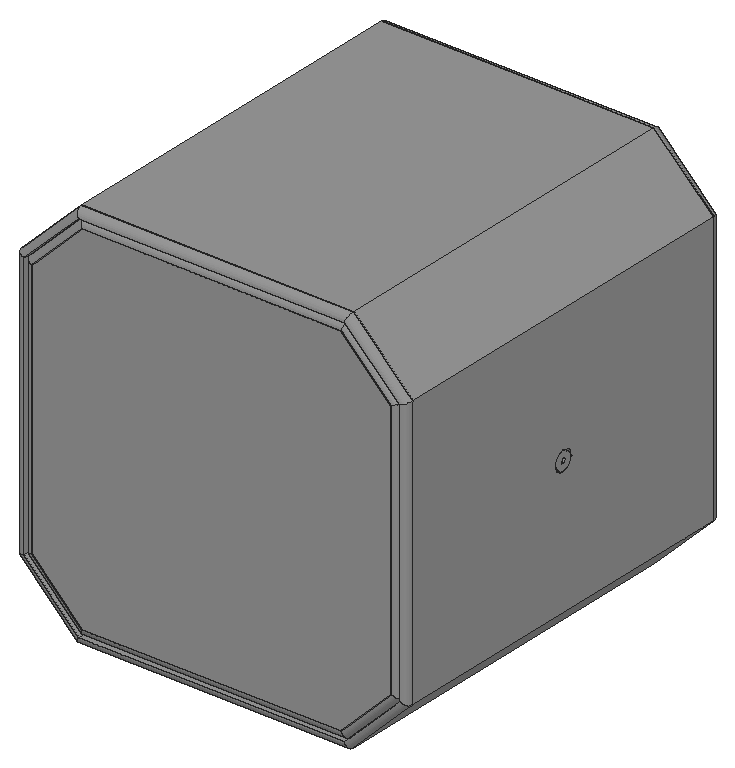
Revit family "1 SOUND_Cannon_C8", category Communication Devices, Revit 2020
Family settings
  Maintain Annotation Orientation = No
  Round Connector Dimension = Use Diameter
  Part Type = Normal
  Work Plane-Based = Yes
  Always vertical = No
  Cut with Voids When Loaded = No
  Shared = No
  Room Calculation Point = No
Parameters (values of type "C8")
  Width - Overall = 260 mm
  Weight = "18.4 lb / 8.3 kg"
  URL = "https://www.1-sound.com/cannon-coaxials"
  Speaker Mesh Finish [instance] = 1 Sound - Speaker Mesh_Fabric_Black
  Speaker Box Finish [instance] = 1 Sound - Speaker Box_Black
  Rigging = "(4) M6 points"  # constant formula
  Power = "400 watts (program), 200 watts (AES)"
  Origin Plane [instance] = if(Origin Is Centered, 0 mm, (Height Overall / 2))  # 130 mm
  Origin Is Centered [instance] = no
  Model = "C8"
  Manufacturer = "1 Sound"  # constant formula
  Impedance = "8Ω"
  Height Overall = 260 mm
  Dimensions (HxWxD) = "10.2” (260 mm) x 10.2” (260 mm) x 10.2” (260 mm)"
  Depth - Overall = 260 mm
  Default Elevation = 1219.2 mm
  Construction = "Finland birch plywood (urea glue), polyurea, matte salt and UV resistant coating, 316 stainless steel hardware, 3D spacer mesh fabric"  # constant formula
  Connectors = "(2) NL4, 2-circuit switch, (1) Neutric NDL dummyPlug"
  Connector - Screw Terminal Block = no
  Connector - NL4 = yes
  Bandwidth = "55 Hz - 18 kHz (-6 dB)"
Types (2, lengths in mm): name | Origin Plane | Origin Is Centered | Model | Connectors | Connector - Screw Terminal Block | Connector - NL4
  C8i | 0 | yes | "C8i" | "(1) screw terminal block with input +/- and loop +/-" | yes | no
  C8 | 130 | no | "C8" | "(2) NL4, 2-circuit switch, (1) Neutric NDL dummyPlug" | no | yes
Reference planes
  plane 1 "Center (Front/Back)": y = 0
  plane 2: z = 0
  plane 3 "Center (Left/Right)": x = -8.925
  plane 4 "Speaker Depth": y = 260
  plane 5: z = 260
  plane 6: x = 121.075
  plane 7: x = -138.925
  plane 8: z = 130
  plane 9: y = 130
  plane 10: x = -59.925
  plane 11: z = 0
Forms (mm)
  Sweep 1, solid, material "1 Sound - Speaker Box_Black" <- "Speaker Box Finish"
    path origin (0, 0, 107) x (1, 0, 0) y (0, 0, 1)
      loop
        line (-97.398, 148) -> (-133.925, 111.473) -> (-133.925, -65.473) -> (-97.398, -102) -> (79.434, -102) -> (116.075, -65.359) -> (116.075, 111.473) -> (79.548, 148) -> (-97.398, 148)
    profile origin (-8.925, 0, 255) x (0, 0, 1) y (0, -1, 0)
      loop
        arc (5, -5) -> (3.536, -1.464) -> (0, 0) r 5
        line (0, 0) -> (0, -5) -> (5, -5)
  Sweep 2, solid, material "1 Sound - Speaker Mesh_Fabric_Black" <- "Speaker Mesh Finish"
    path origin (761.008, 109, -738.704) x (1, 0, 0) y (0, 0, -1)
      loop
        line (-683.738, -988.204) -> (-650.433, -954.899) -> (-650.433, -782.623) -> (-683.852, -749.204) -> (-856.128, -749.204) -> (-889.433, -782.509) -> (-889.433, -954.899) -> (-856.128, -988.204) -> (-683.738, -988.204)
    profile origin (-8.925, 109, 249.5) x (0, 0, 1) y (0, 1, 0)
      loop
        line (5, -104) -> (0, -104) -> (0, -109)
        arc (0, -109) -> (3.536, -107.536) -> (5, -104) r 5
  Sweep 3, solid, material "1 Sound - Speaker Box_Black" <- "Speaker Box Finish"
    path origin (0, 260, 107) x (-1, 0, 0) y (0, 0, 1)
      loop
        line (97.398, 148) -> (-79.548, 148) -> (-116.075, 111.473) -> (-116.075, -65.359) -> (-79.434, -102) -> (97.398, -102) -> (133.925, -65.473) -> (133.925, 111.473) -> (97.398, 148)
    profile origin (-8.925, 260, 255) x (0, 0, -1) y (0, 1, 0)
      loop
        line (-5, -5) -> (0, -5) -> (0, 0)
        arc (0, 0) -> (-3.536, -1.464) -> (-5, -5) r 5
  Extrusion 4, solid, material "1 Sound - Speaker Box_Black" <- "Speaker Box Finish"
    sketch origin (0, 0, -151793) x (1, 0, 0) y (0, 0, 1)
      loop
        line (81.619, 152053) -> (-99.469, 152053) -> (-138.925, 152013.544) -> (-138.925, 151832.456) -> (-99.469, 151793) -> (81.505, 151793) -> (121.075, 151832.57) -> (121.075, 152013.544) -> (81.619, 152053)
    from -255 to -5
  Extrusion 5, solid, material "1 Sound - Speaker Mesh_Fabric_Black" <- "Speaker Mesh Finish"
    sketch origin (0, 0, 0) x (1, 0, 0) y (0, 0, 1)
      loop
        line (-128.425, 216.195) -> (-128.425, 43.805) -> (-95.12, 10.5) -> (77.156, 10.5) -> (110.575, 43.919) -> (110.575, 216.195) -> (77.27, 249.5) -> (-95.12, 249.5) -> (-128.425, 216.195)
    from 0 to -5
  Extrusion 6, void
    sketch origin (0, 5, 0) x (1, 0, 0) y (0, 0, 1)
      loop
        line (-133.925, 218.473) -> (-133.925, 41.527) -> (-97.398, 5) -> (79.434, 5) -> (116.075, 41.641) -> (116.075, 218.473) -> (79.548, 255) -> (-97.398, 255) -> (-133.925, 218.473)
    from 0 to -5
  Extrusion 7, solid, material "1 Sound - Solid Black"
    sketch origin (0, 5, 0) x (1, 0, 0) y (0, 0, 1)
      loop
        line (-133.925, 218.473) -> (-133.925, 41.527) -> (-97.398, 5) -> (79.434, 5) -> (116.075, 41.641) -> (116.075, 218.473) -> (79.548, 255) -> (-97.398, 255) -> (-133.925, 218.473)
    from 0 to -5
  Sweep 8, solid, material "1 Sound - Speaker Mesh_Fabric_Black" <- "Speaker Mesh Finish"
    path origin (0, 260, 0) x (-1, 0, 0) y (0, 0, 1)
      loop
        line (95.12, 249.5) -> (-77.27, 249.5) -> (-110.575, 216.195) -> (-110.575, 43.919) -> (-77.156, 10.5) -> (44.55, 10.5) -> (44.55, 31.751) -> (107.844, 95.045) -> (128.425, 95.045) -> (128.425, 216.195) -> (95.12, 249.5)
    profile origin (-8.925, 260, 249.5) x (0, 0, -1) y (0, 1, 0)
      loop
        line (-4.999, -5) -> (0.001, -5) -> (0.001, 0)
        arc (0.001, 0) -> (-3.535, -1.464) -> (-4.999, -5) r 5
  Extrusion 9, solid, material "1 Sound - Speaker Mesh_Fabric_Black" <- "Speaker Mesh Finish"
    sketch origin (0, 260, 0) x (-1, 0, 0) y (0, 0, 1)
      loop
        line (-77.27, 249.499) -> (-110.574, 216.195) -> (-110.574, 43.919) -> (-77.156, 10.501) -> (44.549, 10.501) -> (44.549, 31.751) -> (107.844, 95.046) -> (128.425, 95.046) -> (128.425, 216.195) -> (95.121, 249.499) -> (-77.27, 249.499)
    from -4.98 to 0
  Extrusion 10, void
    sketch origin (0, 260, 0) x (-1, 0, 0) y (0, 0, 1)
      loop
        line (-79.341, 254.499) -> (-115.574, 218.266) -> (-115.574, 41.848) -> (-79.227, 5.501) -> (49.549, 5.501) -> (49.549, 29.68) -> (109.915, 90.046) -> (133.425, 90.046) -> (133.425, 218.266) -> (97.192, 254.499) -> (-79.341, 254.499)
    from -9.96 to -4.98
  Extrusion 11, solid, material "1 Sound - Solid Black"
    sketch origin (0, 260, 0) x (-1, 0, 0) y (0, 0, 1)
      loop
        line (97.192, 254.499) -> (-79.341, 254.499) -> (-115.574, 218.266) -> (-115.574, 41.848) -> (-79.227, 5.501) -> (49.549, 5.501) -> (49.549, 29.68) -> (109.915, 90.046) -> (133.425, 90.046) -> (133.425, 218.266) -> (97.192, 254.499)
    from -9.96 to -4.98
  Extrusion 12, void
    sketch origin (-8.925, 0, 0) x (0, 1, 0) y (0, 0, 1)
      loop
        circle (130, 130) r 6.855
    from -152.596 to 138.234
  Extrusion 13, solid, material "1 Sound - Speaker Box_Black" <- "Speaker Box Finish"
    sketch origin (0, 260, 0) x (-1, 0, 0) y (0, 0, 1)
      loop
        circle (55.583, 19.989) r 5
      loop
        circle (118.936, 83.342) r 5
    from -5 to -4
  Extrusion 14, void
    sketch origin (0, 256, 0) x (1, 0, 0) y (0, 0, 1)
      loop
        line (-57.807, 20.585) -> (-57.211, 18.36) -> (-54.987, 17.764) -> (-53.359, 19.393) -> (-53.955, 21.617) -> (-56.179, 22.213) -> (-57.807, 20.585)
      loop
        line (-118.34, 81.117) -> (-116.712, 82.746) -> (-117.308, 84.97) -> (-119.532, 85.566) -> (-121.161, 83.938) -> (-120.565, 81.713) -> (-118.34, 81.117)
    from -0.458 to 1
Cuts and joins
  Extrusion 6, Extrusion 10, Extrusion 12, Extrusion 14 cuts Extrusion 4
  Extrusion 14 cuts Extrusion 7
  Extrusion 14 cuts Extrusion 13
Dimensions and locks
  "Depth - Overall": plane 1 "Center (Front/Back)" to plane 4 "Speaker Depth"
  "Height Overall": plane 5 to plane 2
  equal spacing: plane 6, plane 3 "Center (Left/Right)", plane 7
  "Width - Overall": plane 6 to plane 7
  Sweep 1 sketch curve to plane 5 = 5 mm
  Extrusion 4 to Sweep 1 sketch curve = 5 mm  (x4)
  Sweep 1 sketch curve to plane 7 = 5 mm
  Sweep 1 sketch curve to level = 5 mm
  Sweep 1 sketch curve to plane 6 = 5 mm
  Sweep 3 sketch curve to plane 5 = 5 mm
  Extrusion 4 to Sweep 3 sketch curve = 5 mm  (x4)
  equal spacing: plane 6, Sweep 3 sketch curve, Sweep 3 sketch curve
  equal spacing: level, Sweep 3 sketch curve, Sweep 3 sketch curve
  plane 7 to Sweep 3 sketch curve = 5 mm
  Sweep 2 sketch curve to level = 10.5 mm
  Extrusion 4 to Sweep 2 sketch curve = 10.5 mm  (x5)
  Sweep 2 sketch curve to plane 5 = 10.5 mm
  Sweep 2 sketch curve to plane 6 = 10.5 mm
  equal spacing: plane 5, plane 8, level
  equal spacing: plane 1 "Center (Front/Back)", plane 9, plane 4 "Speaker Depth"
  "Origin Plane": plane 11 to plane 8
  aligned and locked: plane 2 to level
  aligned and locked: plane 4 "Speaker Depth" to Sweep 3
  aligned and locked: plane 1 "Center (Front/Back)" to Sweep 2
  aligned and locked: plane 7 to Extrusion 4 sketch curve
  aligned and locked: plane 5 to Extrusion 4 sketch curve
  aligned and locked: plane 6 to Extrusion 4 sketch curve
  aligned and locked: Extrusion 4 sketch curve to level
  aligned and locked: Extrusion 5 sketch curve to Sweep 2  (x8)
  aligned and locked: Sweep 1 to Extrusion 6 sketch curve
  aligned and locked: Extrusion 6 sketch curve to Sweep 1  (x7)
  aligned and locked: Extrusion 5 to Sweep 8 sketch curve
  aligned and locked: Sweep 8 sketch curve to Extrusion 5  (x4)
  aligned and locked: Extrusion 9 sketch curve to Sweep 8  (x5)
  aligned and locked: plane 4 "Speaker Depth" to Extrusion 9
  aligned and locked: Extrusion 10 sketch curve to Sweep 8  (x6)
  aligned and locked: nested 1 to plane 8
  aligned and locked: Extrusion 12 sketch curve to nested 1  (x2)
  aligned and locked: plane 9 to nested 1
  aligned and locked: plane 6 to nested 1
  aligned and locked: nested 2 to plane 9
  aligned and locked: plane 8 to nested 2
  aligned and locked: plane 7 to nested 2
  aligned and locked: Extrusion 9 sketch curve to Sweep 2  (x2)
  aligned and locked: Extrusion 10 sketch curve to Extrusion 11  (x4)
Automatic sketch dimensions
  profile plane to Sweep 1 sketch curve = 0 mm
  Sweep 1 sketch curve to plane 1 "Center (Front/Back)" = 0 mm
  Sweep 1 sketch curve to plane 1 "Center (Front/Back)" = 5 mm
  profile plane to Sweep 2 sketch curve = 0 mm
  Sweep 2 sketch curve to Sweep 2 sketch curve = 5 mm
  Sweep 2 sketch curve to profile plane = 109 mm
  Sweep 3 sketch curve to plane 6 = 5 mm
  level to Sweep 3 sketch curve = 5 mm
  Sweep 3 sketch curve to plane 4 "Speaker Depth" = 0 mm
  Sweep 3 sketch curve to profile plane = 0 mm
  Sweep 3 sketch curve to Sweep 3 sketch curve = 5 mm
  Extrusion 4 sketch curve to plane 6 = 39.57 mm
  Extrusion 4 sketch curve to plane 6 = 39.456 mm
  level to Extrusion 4 sketch curve = 39.57 mm
  level to Extrusion 4 sketch curve = 39.456 mm
  Extrusion 4 sketch curve to plane 5 = 39.456 mm  (x2)
  plane 7 to Extrusion 7 sketch curve = 5 mm
  Extrusion 7 sketch curve to plane 5 = 5 mm
  level to Extrusion 7 sketch curve = 5 mm
  Extrusion 7 sketch curve to plane 6 = 41.641 mm
  Extrusion 7 sketch curve to plane 6 = 41.527 mm
  Extrusion 7 sketch curve to plane 6 = 5 mm
  level to Extrusion 7 sketch curve = 41.641 mm
  level to Extrusion 7 sketch curve = 41.527 mm
  Extrusion 7 sketch curve to plane 5 = 41.527 mm  (x2)
  Sweep 8 sketch curve to plane 4 "Speaker Depth" = 0 mm
  profile plane to Sweep 8 sketch curve = 4.999 mm
  Sweep 8 sketch curve to profile plane = 0.001 mm
  plane 7 to Extrusion 4 sketch curve = 39.456 mm  (x2)
  plane 7 to Extrusion 7 sketch curve = 41.527 mm  (x2)
  Sweep 8 sketch curve to plane 10 = 15.375 mm
  plane 7 to Sweep 8 sketch curve = 31.081 mm
  plane 7 to Sweep 8 sketch curve = 10.5 mm
  Sweep 8 sketch curve to Sweep 8 sketch curve = 21.251 mm
  plane 8 to Sweep 8 sketch curve = 34.955 mm
  Sweep 8 sketch curve to plane 5 = 43.805 mm
  plane 10 to Sweep 8 sketch curve = 35.195 mm
  Extrusion 13 sketch curve to plane 10 = 4.342 mm
  plane 7 to Extrusion 13 sketch curve = 19.989 mm
  level to Extrusion 13 sketch curve = 19.989 mm
  plane 8 to Extrusion 13 sketch curve = 46.658 mm
  Extrusion 14 sketch curve to Extrusion 14 sketch curve = 60.533 mm  (x2)
  Extrusion 14 sketch curve to Extrusion 14 sketch curve = 0.596 mm  (x5)
  Extrusion 14 sketch curve to Extrusion 14 sketch curve = 1.628 mm  (x7)
  Extrusion 14 sketch curve to Extrusion 14 sketch curve = 2.224 mm  (x8)
  plane 10 to Extrusion 11 sketch curve = 37.267 mm
  plane 7 to Extrusion 11 sketch curve = 29.01 mm
  plane 7 to Extrusion 11 sketch curve = 5.5 mm
  Extrusion 11 sketch curve to Extrusion 11 sketch curve = 24.179 mm
  plane 8 to Extrusion 11 sketch curve = 39.954 mm
  Extrusion 11 sketch curve to plane 5 = 41.734 mm  (x2)
  Extrusion 9 sketch curve to plane 10 = 15.376 mm
  Extrusion 9 sketch curve to Extrusion 9 sketch curve = 20.581 mm
  Extrusion 9 sketch curve to Extrusion 9 sketch curve = 21.25 mm
  plane 8 to Extrusion 9 sketch curve = 34.954 mm
  Extrusion 11 sketch curve to plane 10 = 10.376 mm
  level to Extrusion 11 sketch curve = 5.501 mm
  Extrusion 11 sketch curve to plane 6 = 41.848 mm
  Extrusion 11 sketch curve to plane 5 = 5.501 mm
  Extrusion 11 sketch curve to plane 6 = 41.734 mm
  Extrusion 11 sketch curve to plane 6 = 5.501 mm
  level to Extrusion 11 sketch curve = 41.848 mm
  radius of Extrusion 13 sketch curve = 5 mm  (x2)
Nested families
  nested 1: "1 SOUND_Cannon_C-Clamp Screw" at (121.075, 138.925, 130) x (0, 1, 0) z (0, 0, 1), type "C-Clamp Screw"
  nested 2: "1 SOUND_Cannon_C-Clamp Screw" at (-138.925, 138.925, 130) x (0, 1, 0) z (0, 0, 1), type "C-Clamp Screw"
  nested 3: "1 Sound_Speaker_Cannon_Connections_Screw Terminal Block_Angled_Non-Face Based" at (-181.421, 465.5, -64.506) x (-1, 0, 0) z (0, 0, 1), visible <- "Connector - Screw Terminal Block", Connector - Screw Terminal Block <- "Connector - Screw Terminal Block", type "1 Sound_Speaker_Cannon_Connections_Screw Terminal Block_Angled_Non-Face Based"
    with Connector - Screw Terminal Block no
  nested 4: "1 Sound_Speaker_Cannon_Connections_NL4_Angled_Non-Face Based" at (-197.688, 256, -34.311) x (-1, 0, 0) z (0, 0, 1), visible <- "Connector - NL4", Connector - NL4 <- "Connector - NL4", type "1 Sound_Speaker_Cannon_Connections_NL4_Angled_Non-Face Based"
    with Connector - NL4 yes
Definition of nested family "1 SOUND_Cannon_C-Clamp Screw"
  Parameters (values of type "1 Sound_Hardware_C-Clamp Screw_Non-Face Based")
    Weight = ""
    Rigging = ""
    Power = ""
    Impedance = ""
    Dimensions (HxWxD) = ""
    Default Elevation = 1219.2 mm
    Construction = ""
    Connectors = ""
    Bandwidth = ""
  Reference planes
    plane 1 "Center (Front/Back)": y = 0
    plane 2: z = 0
    plane 3 "Center (Left/Right)": x = -8.925
  Forms (mm)
    Extrusion 1, solid
      sketch origin (-379.453, 0, -3.595) x (1, 0, 0) y (0, 0, 1)
        loop
          circle (370.528, 3.595) r 5.85
      from 0 to -7
    Extrusion 2, void
      sketch origin (-379.453, 0, -3.595) x (1, 0, 0) y (0, 0, 1)
        loop
          line (371.936, 1.764) -> (372.818, 3.899) -> (371.41, 5.73) -> (369.121, 5.426) -> (368.239, 3.292) -> (369.646, 1.461) -> (371.936, 1.764)
      from 0 to -3
  Cuts and joins
    Extrusion 2 cuts Extrusion 1
  Lines and regions (mm)
    reference lines
      curve 1: line (-8.925, 0, 13.636) -> (-8.925, 0, -16.364)
      curve 2: line (10.534, 0, 0) -> (-29.957, 0, 0)
    model lines
      curve 3: arc (-2.07, 0, 0) -> (-8.925, 0, 6.855) -> (-15.78, 0, 0) r 6.855
      curve 4: arc (-15.78, 0, 0) -> (-8.925, 0, -6.855) -> (-2.07, 0, 0) r 6.855
  Dimensions and locks
    aligned and locked: plane 2 to level
Definition of nested family "1 Sound_Speaker_Cannon_Connections_NL4_Angled_Non-Face Based"
  Parameters (values of type "1 Sound_Speaker_Cannon_Connections_NL4_Angled_Non-Face Based")
    Default Elevation = 1219.2 mm
    Connector - NL4 [instance] = yes
  Reference planes
    plane 1 "Center (Front/Back)": y = 0
    plane 2: z = 0
    plane 3 "Center (Left/Right)": x = -8.925
  Forms (mm)
    Extrusion 1, solid, visible <- "Connector - NL4"
      sketch origin (24.169, -1, 76.713) x (-0.707107, 0, -0.707107) y (-0.707107, 0, 0.707107)
        loop
          line (92.325, 110.215) -> (84.925, 110.215)
          arc (84.925, 110.215) -> (82.804, 109.336) -> (81.925, 107.215) r 3
          line (81.925, 107.215) -> (81.925, 81.815)
          arc (81.925, 81.815) -> (82.804, 79.693) -> (84.925, 78.815) r 3
          line (84.925, 78.815) -> (92.325, 78.815)
          arc (92.325, 78.815) -> (94.446, 79.693) -> (95.325, 81.815) r 3
          line (95.325, 81.815) -> (95.325, 107.215)
          arc (95.325, 107.215) -> (94.446, 109.336) -> (92.325, 110.215) r 3
        loop
          arc (84.925, 108.815) -> (83.794, 108.346) -> (83.325, 107.215) r 1.6
          line (83.325, 107.215) -> (83.325, 81.815)
          arc (83.325, 81.815) -> (83.794, 80.683) -> (84.925, 80.215) r 1.6
          line (84.925, 80.215) -> (92.325, 80.215)
          arc (92.325, 80.215) -> (93.456, 80.683) -> (93.925, 81.815) r 1.6
          line (93.925, 81.815) -> (93.925, 107.215)
          arc (93.925, 107.215) -> (93.456, 108.346) -> (92.325, 108.815) r 1.6
          line (92.325, 108.815) -> (84.925, 108.815)
      from 0 to 1.3
    Extrusion 2, solid, visible <- "Connector - NL4"
      sketch origin (15.684, -1, 68.228) x (-0.707107, 0, -0.707107) y (-0.707107, 0, 0.707107)
        loop
          arc (72.925, 108.815) -> (71.794, 108.346) -> (71.325, 107.215) r 1.6
          line (71.325, 107.215) -> (71.325, 81.815)
          arc (71.325, 81.815) -> (71.794, 80.683) -> (72.925, 80.215) r 1.6
          line (72.925, 80.215) -> (80.325, 80.215)
          arc (80.325, 80.215) -> (81.456, 80.683) -> (81.925, 81.815) r 1.6
          line (81.925, 81.815) -> (81.925, 107.215)
          arc (81.925, 107.215) -> (81.456, 108.346) -> (80.325, 108.815) r 1.6
          line (80.325, 108.815) -> (72.925, 108.815)
      from 0 to 1
    Extrusion 3, solid, visible <- "Connector - NL4"
      sketch origin (61.25, -3.621, 27.011) x (0, 1, 0) y (-0.707107, 0, 0.707107)
        loop
          line (2.621, 160.368) -> (2.621, 141.579) -> (4.598, 141.579)
          arc (4.598, 141.579) -> (6.089, 146.588) -> (9.668, 150.397) r 11.343
          line (9.668, 150.397) -> (9.668, 153.156)
          arc (9.668, 153.156) -> (6.189, 156.194) -> (4.21, 160.368) r 11.343
          line (4.21, 160.368) -> (2.621, 160.368)
      from -85 to -74.4
  Lines and regions (mm)
    reference lines
      curve 1: line (-88.61, 208, 231.433) -> (-88.61, 208, -23.567)
      curve 2: line (-168.61, 208, 107) -> (-23.61, 208, 107)
  Dimensions and locks
    aligned and locked: plane 2 to level
  Nested families
    nested 1: "1 Sound_Connectors_NL4_Non-Face Based" at (0, 0, 0), visible <- "Connector - NL4", type "1 Sound_Connectors_NL4_Non-Face Based"
    nested 2: "1 Sound_Connectors_NL4_Non-Face Based" at (-32.527, 0, -32.527), visible <- "Connector - NL4", type "1 Sound_Connectors_NL4_Non-Face Based"
  Definition of nested family "1 Sound_Connectors_NL4_Non-Face Based"
    Parameters (values of type "1 Sound_Connectors_NL4_Non-Face Based")
      Default Elevation = 1219.2 mm
    Reference planes
      plane 1 "Center (Front/Back)": y = 0
      plane 2: z = 0
      plane 3 "Center (Left/Right)": x = -8.925
    Forms (mm)
      Extrusion 1, solid
        sketch origin (-94.635, -1, 228.469) x (-0.707107, 0, -0.707107) y (-0.707107, 0, 0.707107)
          loop
            arc (98.425, -112.5) -> (100.9, -111.475) -> (101.925, -109) r 3.5
            line (101.925, -109) -> (101.925, -85)
            arc (101.925, -85) -> (100.9, -82.525) -> (98.425, -81.5) r 3.5
            line (98.425, -81.5) -> (79.425, -81.5)
            arc (79.425, -81.5) -> (76.95, -82.525) -> (75.925, -85) r 3.5
            line (75.925, -85) -> (75.925, -109)
            arc (75.925, -109) -> (76.95, -111.475) -> (79.425, -112.5) r 3.5
            line (79.425, -112.5) -> (98.425, -112.5)
        from 0 to 1
      Extrusion 2, void
        sketch origin (-94.635, -0.5, 228.469) x (-0.707107, 0, -0.707107) y (-0.707107, 0, 0.707107)
          loop
            circle (88.925, -97) r 3
        from 0 to 1
      Extrusion 3, void
        sketch origin (-94.635, -0.5, 228.469) x (-0.707107, 0, -0.707107) y (-0.707107, 0, 0.707107)
          loop
            line (87.275, -87.137) -> (87.275, -88.153)
            arc (87.275, -88.153) -> (79.938, -96.511) -> (86.325, -105.616) r 9
            line (86.325, -105.616) -> (86.325, -106.656)
            arc (86.325, -106.656) -> (88.925, -107) -> (91.525, -106.656) r 10
            line (91.525, -106.656) -> (91.525, -105.616)
            arc (91.525, -105.616) -> (97.912, -96.511) -> (90.575, -88.153) r 9
            line (90.575, -88.153) -> (90.575, -87.137)
            arc (90.575, -87.137) -> (88.925, -87) -> (87.275, -87.137) r 10
          loop
            circle (88.925, -97) r 6.1
        from 0 to 1
      Extrusion 4, solid
        sketch origin (-94.635, 0.2, 228.469) x (-0.707107, 0, -0.707107) y (-0.707107, 0, 0.707107)
          loop
            arc (98.425, -112.5) -> (100.9, -111.475) -> (101.925, -109) r 3.5
            line (101.925, -109) -> (101.925, -85)
            arc (101.925, -85) -> (100.9, -82.525) -> (98.425, -81.5) r 3.5
            line (98.425, -81.5) -> (79.425, -81.5)
            arc (79.425, -81.5) -> (76.95, -82.525) -> (75.925, -85) r 3.5
            line (75.925, -85) -> (75.925, -109)
            arc (75.925, -109) -> (76.95, -111.475) -> (79.425, -112.5) r 3.5
            line (79.425, -112.5) -> (98.425, -112.5)
          loop
            circle (88.925, -97) r 12
        from -0.2 to 0
      Extrusion 5, solid
        sketch origin (-125.04, -1.542, 232.004) x (-0.707107, 0, -0.707107) y (-0.707107, 0, 0.707107)
          loop
            circle (79.425, -109) r 3
        from 1.842 to 1.542
      Extrusion 6, void
        sketch origin (-125.04, 1.246, 232.004) x (-0.707107, 0, -0.707107) y (-0.707107, 0, 0.707107)
          loop
            line (78.28, -108.85) -> (78.722, -109.916) -> (79.867, -110.067) -> (80.57, -109.15) -> (80.128, -108.084) -> (78.983, -107.933) -> (78.28, -108.85)
        from -1.246 to -0.429
      Extrusion 7, solid
        sketch origin (-94.635, -1.542, 228.469) x (-0.707107, 0, -0.707107) y (-0.707107, 0, 0.707107)
          loop
            circle (79.425, -109) r 3
        from 1.842 to 1.542
      Extrusion 8, void
        sketch origin (-94.635, 1.246, 228.469) x (-0.707107, 0, -0.707107) y (-0.707107, 0, 0.707107)
          loop
            line (78.28, -108.85) -> (78.722, -109.916) -> (79.867, -110.067) -> (80.57, -109.15) -> (80.128, -108.084) -> (78.983, -107.933) -> (78.28, -108.85)
        from -1.246 to -0.4
    Cuts and joins
      Extrusion 2, Extrusion 3 cuts Extrusion 1
      Extrusion 3, Extrusion 6, Extrusion 8 cuts Extrusion 4
      Extrusion 6 cuts Extrusion 5
      Extrusion 8 cuts Extrusion 7
    Dimensions and locks
      aligned and locked: plane 2 to level
Definition of nested family "1 Sound_Speaker_Cannon_Connections_Screw Terminal Block_Angled_Non-Face Based"
  Parameters (values of type "1 Sound_Speaker_Cannon_Connections_Screw Terminal Block_Angled_Non-Face Based")
    Default Elevation = 1219.2 mm
    Connector - Screw Terminal Block [instance] = yes
  Reference planes
    plane 1 "Center (Front/Back)": y = 0
    plane 2: z = 0
    plane 3 "Center (Left/Right)": x = -8.925
  Forms (mm)
    Extrusion 1, solid, visible <- "Connector - Screw Terminal Block"
      sketch origin (-53.724, 208, 146.745) x (-0.707107, 0, -0.707107) y (-0.707107, 0, 0.707107)
        loop
          line (34.054, -0.277) -> (69.854, -0.277) -> (69.854, 12.923) -> (34.054, 12.923) -> (34.054, -0.277)
      from 2.5 to 1.042
    Extrusion 2, solid, visible <- "Connector - Screw Terminal Block"
      sketch origin (-53.724, 208, 146.745) x (-0.707107, 0, -0.707107) y (-0.707107, 0, 0.707107)
        loop
          line (76.754, 0.823) -> (76.754, 11.823)
          arc (76.754, 11.823) -> (76.608, 12.176) -> (76.254, 12.323) r 0.5
          line (76.254, 12.323) -> (27.654, 12.323)
          arc (27.654, 12.323) -> (27.301, 12.176) -> (27.154, 11.823) r 0.5
          line (27.154, 11.823) -> (27.154, 0.823)
          arc (27.154, 0.823) -> (27.301, 0.469) -> (27.654, 0.323) r 0.5
          line (27.654, 0.323) -> (76.254, 0.323)
          arc (76.254, 0.323) -> (76.608, 0.469) -> (76.754, 0.823) r 0.5
      from 2.5 to 1.842
    Extrusion 3, void
      sketch origin (-88.61, 208, 166.433) x (0, 0, 1) y (-1, 0, 0)
        loop
          line (-65.623, 21.802) -> (-66.669, 22.847) -> (-68.096, 22.465) -> (-68.479, 21.037) -> (-67.434, 19.992) -> (-66.006, 20.374) -> (-65.623, 21.802)
      from -1.246 to -0.429
    Extrusion 4, solid, visible <- "Connector - Screw Terminal Block"
      sketch origin (-88.61, 208, 166.433) x (0, 0, -1) y (-1, 0, 0)
        loop
          circle (67.051, 21.419) r 2.6
      from 1.842 to 1.042
    Extrusion 5, void
      sketch origin (-88.61, 208, 166.433) x (0, 0, 1) y (-1, 0, 0)
        loop
          line (-36.475, -7.346) -> (-37.903, -7.729) -> (-38.285, -9.157) -> (-37.24, -10.202) -> (-35.812, -9.819) -> (-35.43, -8.391) -> (-36.475, -7.346)
      from -1.246 to -0.429
    Extrusion 6, solid, visible <- "Connector - Screw Terminal Block"
      sketch origin (-88.61, 208, 166.433) x (0, 0, -1) y (-1, 0, 0)
        loop
          circle (36.858, -8.774) r 2.6
      from 1.842 to 1.042
  Cuts and joins
    Extrusion 3, Extrusion 5 cuts Extrusion 4
    Extrusion 5 cuts Extrusion 6
  Lines and regions (mm)
    reference lines
      curve 1: line (-88.61, 208, 231.433) -> (-88.61, 208, -23.567)
      curve 2: line (-35.611, 208, 129.535) -> (-165.611, 208, 129.535)
  Dimensions and locks
    aligned and locked: plane 2 to level
